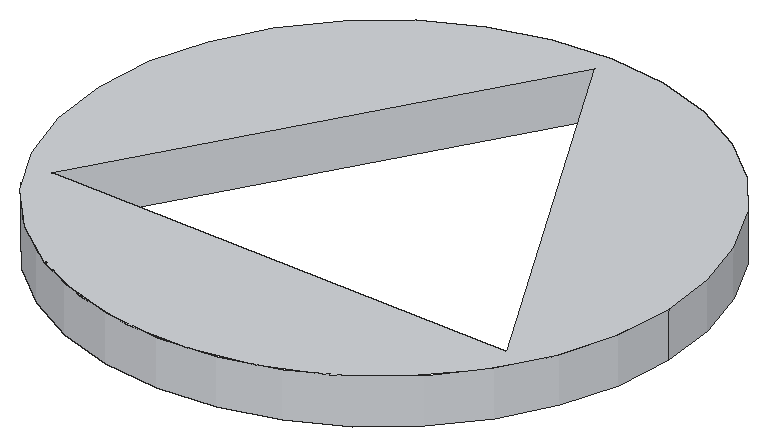
Revit family "立柱隆沉", category 常规模型, Revit 2016
Family settings
  零件类型 = 标准
  可将钢筋附着到主体 = 否
  圆形连接件大小 = 使用直径
  基于工作平面 = 否
  总是垂直 = 是
  加载时剪切的空心 = 否
  共享 = 否
  房间计算点 = 否
Parameters
  高度 = 100 mm
  重心高度 = sqrt(3) / 3 * 边长  # 577.35 mm
  边长 = 1000 mm
  直径 = 1.25 * 边长  # 1250 mm
  监测数据 [instance] = ""
  测点编号 [instance] = "LZ01"
Reference planes
  plane 1 "中心(前/后)": y = 0
  plane 2: z = 0
  plane 3 "中心(左/右)": x = 0
Forms (mm)
  Extrusion 1, solid
    sketch origin (0, 0, 0) x (1, 0, 0) y (0, 1, 0)
      loop
        line (-500, -288.675) -> (500, -288.675) -> (0, 577.35) -> (-500, -288.675)
      loop
        circle (0, 0) r 625
    from 0 to 100
Dimensions and locks
  "高度": Extrusion 1 to Extrusion 1
  "边长": Extrusion 1 sketch curve to Extrusion 1 sketch curve  (x3)
  "重心高度": plane 1 "中心(前/后)" to Extrusion 1 sketch curve
  "直径": diameter of Extrusion 1 sketch curve
  aligned and locked: level to plane 2
  aligned and locked: Extrusion 1 to level
Automatic sketch dimensions
  Extrusion 1 sketch curve to plane 3 "中心(左/右)" = 0 mm  (x2)
  plane 1 "中心(前/后)" to Extrusion 1 sketch curve = 0 mm
